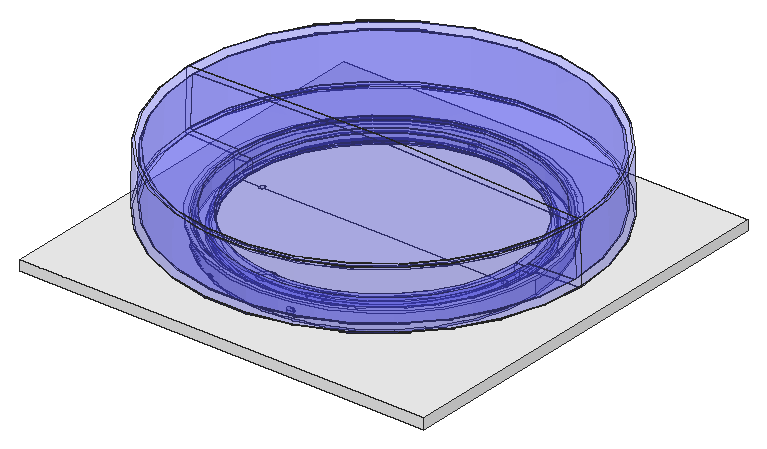
Revit family "BE_34288P_de_DE", category Leuchten, Revit 2020
Family settings
  Basisbauteil = Fläche
  Bemaßung runder Anschluss = Durchmesser verwenden
  Teiletyp = Normal
  Beim Laden mit Abzugskörper schneiden = Ja
  Lichtquelle = Ja
  Gemeinsam genutzt = Nein
  Raumberechnungspunkt = Ja
Parameters (values of type "BEGA_34288P_K3")
  built-in parameter 1150104 = 11.446 (stored number, unit not read)
  Wattage = 25.9 W
  Default Elevation = 0 mm
  built-in parameter 1150113 = 1 (stored number, unit not read)
  built-in parameter 1114218 = 1 (stored number, unit not read)
  Umgebungstemperatur = ""
  URL = "http://www.bega.de/de/produkt/34288P"
  Typenkommentare = "© 2022 BEGA. Wir behalten uns das Recht vor, technische Änderungen ohne vorherige Ankündigung vorzunehmen."  # constant formula
  built-in parameter 1150134 = 12
  built-in parameter 1150109 = 1 (stored number, unit not read)
  Strom = ""
  built-in parameter 1150110 = 1 (stored number, unit not read)
  Spannung = 239.996 V
  Sonderanfertigung = no
  Seriennummer [instance] = "Hier können Sie die eindeutige Seriennummer für das Facility Management eintragen."
  Schutzklasse = "I"
  Schutzart = "IP 44"
  Scheinlast = 0 VA
  Produktdatenblatt = "http://www.bega.de/download/Xrfa/db/34288P.db.de.pdf"
  Oberflächentemperatur = ""
  Neigungswinkel = 0.00°
  Model = "34288PK4"
  Material_17 = BEGA_Reflektor
  Material_15 = BEGA_Leuchtmedium_matt
  Material_14 = BEGA_Kunststoff_opal
  Material_11 = BEGA_Glas_opal
  Material_09 = BEGA_Glas_klar
  Material_06 = BEGA_Oberfläche_Edelstahl_gebürstet
  Material_05 = BEGA_Oberfläche_Aluminium Guss
  Material_03 = BEGA_Oberfläche_Weiss_matt
  Material_02 = BEGA_Oberfläche_Silber_matt
  Material_01 [instance] = BEGA_Oberfläche_Grafit_matt
  M_W = no
  M_G = no
  M_A = no
  Logo = 0
  built-in parameter 1114217 = 1 (stored number, unit not read)
  built-in parameter 1150139 = (empty or 0)
  built-in parameter 1150105 = 253.92 (stored number, unit not read)
  built-in parameter 1150114 = 1 (stored number, unit not read)
  Lumens = 3190.88 lm
  built-in parameter 1150115 = 1 (stored number, unit not read)
  Leuchtenlichtstrom = "2516 lm"
  Leuchtenanzahl = ""
  Lebensdauerkriterien = "L70B50 @ 25 °C = 148000 h"
  Lastklassifizierung = Beleuchtung
  built-in parameter 1150112 = 1 (stored number, unit not read)
  Lampenlichtstrom = "3190 lm"
  Lamp = "LED 25.9 W"
  LED_Modulbezeichnung = "LED-0570/940"
  Hersteller = "BEGA"  # constant formula
  Halbstreuwinkel = ""
  Gewicht = "4.0 kg"
  Gebrauchslageneinschränkung [instance] = ""
  Frequenz = "0/50-60 Hz"
  Farbwiedergabeindex = "CRI > 90"
  Farbtemperaturverschiebung bei Dämpfen der Lampe = <Keine Auswahl>
  Farbtemperatur = "4000 K"
  Color Filter = 16777215
  built-in parameter 1150133 = 10 (stored number, unit not read)
  Energieeffizienzklasse = "LED A++ - A"
  built-in parameter 1150137 = (empty or 0)
  built-in parameter 1150132 = (empty or 0)
  ENEC = ""
  Dimmbar [instance] = "DALI"
  Photometric Web File = "BE_34288PK4.IES"
  CE_Konformität = "ja"
  Bestellnummer = "34288PK4"
  Beschreibung_Sonderanfertigung = "Hier können Sie Informationen zur Sonderanfertigung eintragen."
  Beschreibung = "Decken- und Wandleuchte"
  built-in parameter 1150106 = 2.5392 (stored number, unit not read)
  Befestigungsbohrung = "Ø 5,5 mm"
  Befestigungsabstand = "240 mm"
  Ballwurfsicher = ""
  BEGA_Intern_aus = yes
  BEGA_Intern_an = yes
  BEGA_Intern_Konstruktion = yes
  BEGA_Intern = yes
  BEGA_IES = yes
  BEGA_Dummy = no
  Anschlussleitung = ""
  Anschlussleistung [instance] = "29.4 W"
  Anschlusskasten = ""
  built-in parameter 1150107 = 4000 (stored number, unit not read)
  built-in parameter 1150102 = (empty or 0)
  built-in parameter 1150138 = (empty or 0)
  Aktualisierung = "2019-07-04T04:00:11"
  Abstand_zur_angestrahlten_Fläche [instance] = ""
  AC/DC = "AC/DC"
Reference planes
  plane 1 "Mitte (Vorne/Hinten)": y = 0
  plane 2: z = 0
  plane 3 "Mitte (Links/Rechts)": x = 0
  plane 4 "Links": x = -195.948
  plane 5 "Rechts": x = 195.948
  plane 6 "Unten": y = -195.9
  plane 7 "Oben": y = 195.9
  plane 8 "Vorne": z = 91.23
  plane 9 "Hinten": z = 0
Forms (mm)
  Extrusion 1, solid, material "BEGA_Platte_Weiss"
    sketch origin (0, -1119.2, 0) x (1, 0, 0) y (0, 1, 0)
      loop
        line (-200, 1319.2) -> (-200, 919.2) -> (200, 919.2) -> (200, 1319.2) -> (-200, 1319.2)
    from 0 to -10
  Extrusion 2, solid, material "BEGA_Dummy_matt", visible <- "BEGA_Dummy"
    sketch origin (77.149, -76.023, 0) x (1, 0, 0) y (0, 1, 0)
      loop
        circle (-77.149, 76.023) r 195.948
    from 0 to 91.23
Dimensions and locks
  plane 1 "Mitte (Vorne/Hinten)" to Extrusion 1 = 200 mm
  aligned and locked: plane 2 to Extrusion 1
  aligned and locked: level to Extrusion 1
Nested families
  nested 1: "BE_34288P" at (0, 0, 0), type "BE_34288P"
Connectors
  electrical at (0, 0, 0), driven by "Lastklassifizierung", driven by "Spannung", driven by "Scheinlast"
    settings: index 1, voltage 239.996 V, apparent load 0 VA, apparent load phase1 0 VA, apparent load phase2 0 VA, apparent load phase3 0 VA, power factor 1, load classification "Beleuchtung", number of poles 1, system type 31, power factor state 1, is connector primary yes, connector utility no, sub classification motor no, connector description ""
Definition of nested family "BE_34288P"
  Parameters (values of type "BE_34288P")
    Default Elevation = 1 mm
    URL = "http://www.bega.de/de/produkt"
    Type Comments = "© 2015 BEGA. Wir behalten uns das Recht vor, technische Änderungen ohne vorherige Ankündigung vorzunehmen. "  # constant formula
    Type Image = (empty or 0)
    Neigungswinkel_um_Z2 = 0.00°
    Neigungswinkel_um_Z1 = 0.00°
    Neigungswinkel_um_Y2 = 0.00°
    Neigungswinkel_um_Y1 = 0.00°
    Neigungswinkel_um_X2 = 0.00°
    Neigungswinkel_um_X1 = 0.00°
    Material_17 = none
    Material_15 = none
    Material_14 = none
    Material_11 = none
    Material_09 = none
    Material_06 = none
    Material_05 = none
    Material_03 = none
    Material_02 = none
    Material_01 = none
    M_W = yes
    M_G = yes
    M_A = yes
    Länge_Platte = 450 mm  # constant formula
    Höhe_Platte = -10 mm  # constant formula
    Manufacturer = "BEGA"  # constant formula
    Drehwinkel_um_Z2 = 0.00°
    Drehwinkel_um_Z1 = 0.00°
    Breite_Platte = 450 mm  # constant formula
  Reference planes
    plane 1 "Mitte (Oben/Unten)": y = 0
    plane 2: z = 0
    plane 3 "Mitte (Links/Rechts)": x = 0
    plane 4: x = -195.948
    plane 5: z = 91.23
    plane 6: x = 195.948
    plane 7: y = -195.9
    plane 8: y = 195.9
  Forms (mm)
    Extrusion 1, solid, detail levels medium
      sketch origin (0, 0, 0) x (1, 0, 0) y (0, 1, 0)
        loop
          line (-225, 225) -> (-225, -225) -> (225, -225) -> (225, 225) -> (-225, 225)
      from 0 to -10 <- "Höhe_Platte"
    Revolve 2, solid, material <- "Material_03", detail levels medium+fine
      sketch origin (0, 0, 0) x (1, 0, 0) y (0, 0, 1)
        loop
          line (-155, 22) -> (-150.815, 22) -> (-150.518, 4.944)
          arc (-150.518, 4.944) -> (-149.622, 2.854) -> (-147.518, 1.99) r 3
          line (-147.518, 1.99) -> (0, 1.99) -> (0, 4) -> (-147.518, 4)
          arc (-147.518, 4) -> (-148.219, 4.287) -> (-148.518, 4.983) r 1
          line (-148.518, 4.983) -> (-148.818, 22.171)
          arc (-148.818, 22.171) -> (-149.458, 23.474) -> (-150.811, 24) r 2
          line (-150.811, 24) -> (-155, 24) -> (-155, 22)
        axis (0, 1.99) -> (0, 24)
      angle from 0 to 360
    Revolve 3, solid, material <- "Material_03", detail levels medium+fine
      sketch origin (-20.712, 98.288, 0) x (-1, 0, 0) y (0, 0, 1)
        loop
          arc (-124.759, 2.845) -> (-122.212, 0.75) -> (-119, 0) r 7.249
          line (-119, 0) -> (-119, 2.845) -> (-124.759, 2.845)
        axis (-119, 0) -> (-119, 2.845)
      angle from 0 to 360
    Revolve 4, solid, material <- "Material_14", detail levels medium+fine
      sketch origin (0, 0, 0) x (1, 0, 0) y (0, 0, 1)
        loop
          arc (0, 91.23) -> (-96.315, 90.004) -> (-192.567, 86.325) r 3782.243
          arc (-192.567, 86.325) -> (-193.896, 85.724) -> (-194.464, 84.38) r 2
          line (-194.464, 84.38) -> (-195.948, 27.704)
          arc (-195.948, 27.704) -> (-195.403, 26.287) -> (-194.019, 25.661) r 2
          line (-194.019, 25.661) -> (-148.96, 24.087)
          arc (-148.96, 24.087) -> (-148.287, 21.659) -> (-146, 20.6) r 3
          line (-146, 20.6) -> (-135, 20.6) -> (-135, 14.367) -> (-138, 12.029) -> (-138, 8.6) -> (-135, 8.6) -> (-135, 10.613) -> (-132.71, 11.227)
          arc (-132.71, 11.227) -> (-130.575, 12.656) -> (-129.75, 15.089) r 4
          line (-129.75, 15.089) -> (-129.75, 21.91)
          arc (-129.75, 21.91) -> (-130.06, 23.971) -> (-130.964, 25.85) r 7
          line (-130.964, 25.85) -> (-143.75, 25.85) -> (-143.75, 29.159) -> (-188.631, 30.726)
          arc (-188.631, 30.726) -> (-190.017, 31.351) -> (-190.564, 32.769) r 2
          line (-190.564, 32.769) -> (-189.334, 79.381)
          arc (-189.334, 79.381) -> (-188.766, 80.726) -> (-187.434, 81.326) r 2
          arc (-187.434, 81.326) -> (-93.746, 84.816) -> (0, 85.98) r 3776.993
          line (0, 85.98) -> (0, 91.23)
        axis (0, 91.23) -> (0, 8.6)
      angle from 0 to 360
    Extrusion 5, void
      sketch origin (0, 0, 0) x (1, 0, 0) y (0, 1, 0)
        loop
          circle (-30, -107.5) r 8.5
        loop
          circle (20, -107.5) r 8.5
        loop
          circle (-120, 0) r 2.75
        loop
          circle (120, 0) r 2.75
      from 0 to 6
    Revolve 6, solid, material <- "Material_03", detail levels medium+fine
      sketch origin (98.288, 20.712, 0) x (0, 1, 0) y (0, 0, 1)
        loop
          arc (-124.759, 2.845) -> (-122.212, 0.75) -> (-119, 0) r 7.249
          line (-119, 0) -> (-119, 2.845) -> (-124.759, 2.845)
        axis (-119, 0) -> (-119, 2.845)
      angle from 0 to 360
    Revolve 7, solid, material <- "Material_03", detail levels medium+fine
      sketch origin (-98.288, -20.712, 0) x (0, -1, 0) y (0, 0, 1)
        loop
          arc (-124.759, 2.845) -> (-122.212, 0.75) -> (-119, 0) r 7.249
          line (-119, 0) -> (-119, 2.845) -> (-124.759, 2.845)
        axis (-119, 0) -> (-119, 2.845)
      angle from 0 to 360
    Revolve 8, solid, material <- "Material_03", detail levels medium+fine
      sketch origin (20.712, -98.288, 0) x (1, 0, 0) y (0, 0, 1)
        loop
          arc (-124.759, 2.845) -> (-122.212, 0.75) -> (-119, 0) r 7.249
          line (-119, 0) -> (-119, 2.845) -> (-124.759, 2.845)
        axis (-119, 0) -> (-119, 2.845)
      angle from 0 to 360
    Revolve 9, solid, material <- "Material_06", detail levels fine
      sketch origin (0, 0, 11.5) x (1, 0, 0) y (0, 1, 0)
        loop
          line (22.977, -149.027) -> (26.178, -148.463) -> (24.806, -140.684) -> (21.606, -141.249) -> (22.977, -149.027)
        axis (24.806, -140.684) -> (26.178, -148.463)
      angle from 0 to 360
    Revolve 10, solid, material <- "Material_06", detail levels fine
      sketch origin (0, 0, 11.5) x (0.939693, 0.34202, 0) y (-0.34202, 0.939693, 0)
        loop
          line (22.977, 149.027) -> (21.606, 141.249) -> (24.806, 140.684) -> (26.178, 148.463) -> (22.977, 149.027)
        axis (24.806, 140.684) -> (26.178, 148.463)
      angle from 0 to 360
  Cuts and joins
    Extrusion 5 cuts Revolve 2
    Extrusion 5 cuts Revolve 3
    joined: Revolve 2, Revolve 3, Revolve 6, Revolve 7, Revolve 8
  Dimensions and locks
    equal spacing: Extrusion 1 sketch curve, plane 3 "Mitte (Links/Rechts)", Extrusion 1 sketch curve
    equal spacing: Extrusion 1 sketch curve, plane 1 "Mitte (Oben/Unten)", Extrusion 1 sketch curve
    "Länge_Platte": Extrusion 1 sketch curve to Extrusion 1 sketch curve
    "Breite_Platte": Extrusion 1 sketch curve to Extrusion 1 sketch curve
    aligned and locked: Extrusion 1 to plane 2
    aligned and locked: level to Extrusion 1
  Automatic sketch dimensions
    Revolve 2 sketch curve to plane 3 "Mitte (Links/Rechts)" = 0 mm  (x2)
    level to Revolve 2 sketch curve = 4.993 mm
    Revolve 2 sketch curve to Revolve 2 sketch curve = 0 mm  (x4)
    level to Revolve 2 sketch curve = 4.983 mm
    Revolve 2 sketch curve to Revolve 2 sketch curve = 1 mm
    Revolve 2 sketch curve to Revolve 2 sketch curve = 0.3 mm
    level to Revolve 2 sketch curve = 4.944 mm
    Revolve 2 sketch curve to Revolve 2 sketch curve = 2 mm
    Revolve 2 sketch curve to Revolve 2 sketch curve = 1.993 mm
    Revolve 2 sketch curve to Revolve 2 sketch curve = 0.005 mm
    Revolve 2 sketch curve to Revolve 2 sketch curve = 4.185 mm
    level to Revolve 2 sketch curve = 1.99 mm
    Revolve 2 sketch curve to Revolve 2 sketch curve = 2.01 mm
    Revolve 2 sketch curve to Revolve 2 sketch curve = 17.056 mm
    Revolve 2 sketch curve to Revolve 2 sketch curve = 0.171 mm
    Revolve 2 sketch curve to Revolve 2 sketch curve = 0.569 mm
    level to Revolve 3 sketch curve = 2.845 mm
    Revolve 3 sketch curve to Revolve 3 sketch curve = 5.758 mm
    Revolve 3 sketch curve to Revolve 3 sketch curve = 0 mm  (x3)
    level to Revolve 3 sketch curve = 0 mm
    Revolve 3 sketch curve to Revolve 3 sketch curve = 0.469 mm
    plane 1 "Mitte (Oben/Unten)" to Extrusion 5 sketch curve = 0 mm  (x2)
    Extrusion 5 sketch curve to plane 3 "Mitte (Links/Rechts)" = 30 mm
    plane 3 "Mitte (Links/Rechts)" to Extrusion 5 sketch curve = 20 mm
    Extrusion 5 sketch curve to Extrusion 5 sketch curve = 0 mm
    level to Revolve 6 sketch curve = 2.845 mm
    Revolve 6 sketch curve to Revolve 6 sketch curve = 5.758 mm
    Revolve 6 sketch curve to Revolve 6 sketch curve = 0 mm  (x3)
    level to Revolve 6 sketch curve = 0 mm
    Revolve 6 sketch curve to Revolve 6 sketch curve = 0.469 mm
    level to Revolve 7 sketch curve = 2.845 mm
    Revolve 7 sketch curve to Revolve 7 sketch curve = 5.758 mm
    Revolve 7 sketch curve to Revolve 7 sketch curve = 0 mm  (x3)
    level to Revolve 7 sketch curve = 0 mm
    Revolve 7 sketch curve to Revolve 7 sketch curve = 0.469 mm
    level to Revolve 8 sketch curve = 2.845 mm
    Revolve 8 sketch curve to Revolve 8 sketch curve = 5.758 mm
    Revolve 8 sketch curve to Revolve 8 sketch curve = 0 mm  (x3)
    level to Revolve 8 sketch curve = 0 mm
    Revolve 8 sketch curve to Revolve 8 sketch curve = 0.469 mm
    plane 3 "Mitte (Links/Rechts)" to Revolve 9 sketch curve = 21.606 mm
    Revolve 9 sketch curve to Revolve 9 sketch curve = 1.371 mm
    Revolve 9 sketch curve to Revolve 9 sketch curve = 3.201 mm  (x2)
    Revolve 9 sketch curve to Revolve 9 sketch curve = 0.564 mm  (x2)
    Revolve 9 sketch curve to Revolve 9 sketch curve = 7.778 mm
    Revolve 9 sketch curve to Revolve 9 sketch curve = 0 mm  (x2)
    Revolve 9 sketch curve to Revolve 9 sketch curve = 0.068 mm
    Revolve 9 sketch curve to Revolve 9 sketch curve = 0.386 mm
    Revolve 10 sketch curve to plane 3 "Mitte (Links/Rechts)" = 28.007 mm
    Revolve 10 sketch curve to Revolve 10 sketch curve = 1.371 mm
    Revolve 10 sketch curve to Revolve 10 sketch curve = 3.201 mm  (x2)
    Revolve 10 sketch curve to Revolve 10 sketch curve = 0.564 mm  (x2)
    Revolve 10 sketch curve to Revolve 10 sketch curve = 7.778 mm
    Revolve 10 sketch curve to Revolve 10 sketch curve = 0 mm  (x2)
    Revolve 10 sketch curve to Revolve 10 sketch curve = 0.068 mm
    Revolve 10 sketch curve to Revolve 10 sketch curve = 0.386 mm
    Revolve 4 sketch curve to plane 3 "Mitte (Links/Rechts)" = 0 mm  (x3)
    Revolve 4 sketch curve to Revolve 4 sketch curve = 0.009 mm  (x2)
    level to Revolve 4 sketch curve = 11.227 mm
    Revolve 4 sketch curve to Revolve 4 sketch curve = 1.746 mm
    Revolve 4 sketch curve to Revolve 4 sketch curve = 1.04 mm
    level to Revolve 4 sketch curve = 14.367 mm
    Revolve 4 sketch curve to Revolve 4 sketch curve = 1.25 mm
    Revolve 4 sketch curve to Revolve 4 sketch curve = 2.29 mm
    Revolve 4 sketch curve to Revolve 4 sketch curve = 1.75 mm
    Revolve 4 sketch curve to Revolve 4 sketch curve = 3 mm  (x2)
    Revolve 4 sketch curve to Revolve 4 sketch curve = 7 mm
    Revolve 4 sketch curve to Revolve 4 sketch curve = 2.25 mm  (x2)
    Revolve 4 sketch curve to Revolve 4 sketch curve = 2.96 mm
    Revolve 4 sketch curve to Revolve 4 sketch curve = 0.067 mm
    Revolve 4 sketch curve to Revolve 4 sketch curve = 2 mm  (x2)
    Revolve 4 sketch curve to Revolve 4 sketch curve = 5.13 mm
    Revolve 4 sketch curve to Revolve 4 sketch curve = 3.385 mm
    Revolve 4 sketch curve to Revolve 4 sketch curve = 0.614 mm
    Revolve 4 sketch curve to Revolve 4 sketch curve = 2.013 mm
    Revolve 4 sketch curve to level = 3691.013 mm
    Revolve 4 sketch curve to Revolve 4 sketch curve = 0.001 mm
    Revolve 4 sketch curve to Revolve 4 sketch curve = 1.416 mm
    Revolve 4 sketch curve to Revolve 4 sketch curve = 0.722 mm
    Revolve 4 sketch curve to Revolve 4 sketch curve = 5.511 mm
    Revolve 4 sketch curve to Revolve 4 sketch curve = 1.31 mm
    Revolve 4 sketch curve to Revolve 4 sketch curve = 0.487 mm
    level to Revolve 4 sketch curve = 27.66 mm
    Revolve 4 sketch curve to Revolve 4 sketch curve = 0.045 mm
    Revolve 4 sketch curve to Revolve 4 sketch curve = 3.309 mm
    Revolve 4 sketch curve to Revolve 4 sketch curve = 3.066 mm
    Revolve 4 sketch curve to Revolve 4 sketch curve = 1.999 mm  (x3)
    Revolve 4 sketch curve to Revolve 4 sketch curve = 5.251 mm
    Revolve 4 sketch curve to Revolve 4 sketch curve = 0 mm  (x14)
    Revolve 4 sketch curve to Revolve 4 sketch curve = 0.07 mm
    Revolve 4 sketch curve to Revolve 4 sketch curve = 3.94 mm
    Revolve 4 sketch curve to Revolve 4 sketch curve = 46.604 mm
    Revolve 4 sketch curve to Revolve 4 sketch curve = 4.999 mm
    level to Revolve 4 sketch curve = 85.98 mm
    Revolve 4 sketch curve to Revolve 4 sketch curve = 20.725 mm
    Revolve 2 sketch curve to plane 3 "Mitte (Links/Rechts)" = 147.518 mm
    Revolve 4 sketch curve to plane 3 "Mitte (Links/Rechts)" = 130.964 mm
    Revolve 4 sketch curve to Revolve 4 sketch curve = 43.585 mm
    Revolve 4 sketch curve to Revolve 4 sketch curve = 39.604 mm
    Extrusion 5 sketch curve to plane 3 "Mitte (Links/Rechts)" = 120 mm
    Revolve 8 sketch curve to plane 3 "Mitte (Links/Rechts)" = 104.046 mm
    plane 3 "Mitte (Links/Rechts)" to Revolve 3 sketch curve = 104.046 mm
    plane 3 "Mitte (Links/Rechts)" to Extrusion 5 sketch curve = 120 mm
    plane 1 "Mitte (Oben/Unten)" to Extrusion 5 sketch curve = 107.5 mm
    plane 1 "Mitte (Oben/Unten)" to Revolve 6 sketch curve = 104.046 mm
    plane 1 "Mitte (Oben/Unten)" to Revolve 9 sketch curve = 149.027 mm
    Revolve 7 sketch curve to plane 1 "Mitte (Oben/Unten)" = 104.046 mm
    Revolve 10 sketch curve to plane 1 "Mitte (Oben/Unten)" = 140.12 mm
    radius of Extrusion 5 sketch curve = 8.5 mm  (x2)
    radius of Extrusion 5 sketch curve = 2.75 mm  (x2)
